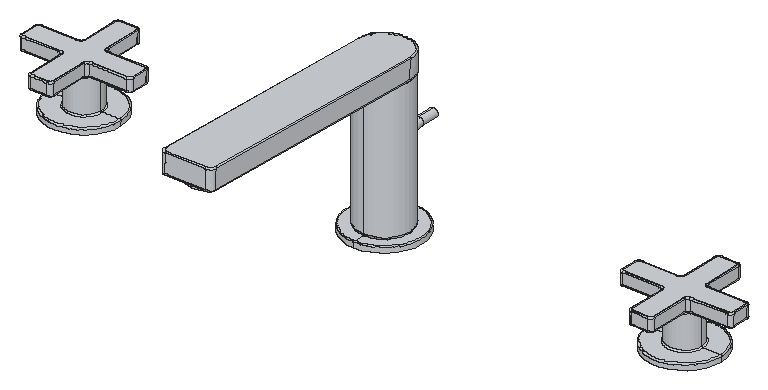
Revit family "Faucet-Lavatory-KOHLER-Composed-K-73060", category Plumbing Fixtures, host Face, Revit 2015
Parameters (values of type "Cross Handles-CP-Polished Chrome")
  Width [instance] = Faucet Hole Spacing  # 16"
  Waste Water Outlet = "Waste Water Outlet"  # constant formula
  Waste Connection = no
  Vent Connection = no
  URL = "https://www.us.kohler.com/us/"
  Type = 1
  Spout Reach = 5 15/16"  # constant formula
  Product Page URL = "http://www.us.kohler.com/us/catalog/productDetails.jsp?productNumber=73060-3"
  Product Name = "Composed"  # constant formula
  Product Documentation Link = "http://www.us.kohler.com/onlinecatalog/pdf/K-73060-3_spec.pdf"
  Pressure = 60.00 psi  # constant formula
  Model = if(Type = 1, "K-73060-3-CP", if(Type = 2, "K-73060-3-TT", if(Type = 3, "K-73060-4-CP", if(Type = 4, "K-73060-4-TT", "NA"))))  # "K-73060-3-CP"
  Material = "Premium Metal Construction"  # constant formula
  MasterFormat 2004 = "22.41.39"  # constant formula
  MasterFormat 1995 = "15410"  # constant formula
  Manufacturer Address = "444 Highland Dr, Kohler, WI 53044"  # constant formula
  Manufacturer = "KOHLER Co."  # constant formula
  Lever Handles = or(Type = 3, Type = 4)  # no
  Length = 5 15/16"  # constant formula
  Hot Water Inlet = "Hot Water Inlet"  # constant formula
  Height = 4 9/16"  # constant formula
  Handle Clearance = if(Cross Handles, 1 1/2", 3")  # 1 1/2"
  HW Connection = yes
  Flow Rate = 1.2 GPM  # constant formula
  Finish = Kohler-Metal-CP-Polished_Chrome
  Faucet Hole Spacing [instance] = 16"
  Environmental Product Declaration = ""
  Drain Included = 1 = 1  # yes
  Description = if(or(Type = 1, Type = 2), "Widespread bathroom sink faucet with cross handles", if(or(Type = 3, Type = 4), "Widespread bathroom sink faucet with lever handles", "NA"))  # "Widespread bathroom sink faucet with cross handles"
  Default Elevation = 36"
  Declare Label = ""
  Date Modified = "06/11/2018"  # constant formula
  Date Created = "06/11/2018"  # constant formula
  Cross Handles = or(Type = 1, Type = 2)  # yes
  Copyright = "Copyright KOHLER Co."  # constant formula
  Contact Us = "https://www.us.kohler.com/us/static/contact.jsp"
  Cold Water Inlet = "Cold Water Inlet"  # constant formula
  CW Connection = yes
  Assembly Code = "D2010"
  ADA Compliant = 1 = 1  # yes
Types (5): name | Type | Product Page URL | Product Documentation Link | Model | Lever Handles | Handle Clearance | Finish | Description | Cross Handles
  (no name) | 1 | "http://www.us.kohler.com/us/catalog/productDetails.jsp?productNumber=73060-3" | "http://www.us.kohler.com/onlinecatalog/pdf/K-73060-3_spec.pdf" | "K-73060-3-CP" | no | 1 1/2" | Kohler-Metal-CP-Polished_Chrome | "Widespread bathroom sink faucet with cross handles" | yes
  Cross Handles-CP-Polished Chrome | 1 | "http://www.us.kohler.com/us/catalog/productDetails.jsp?productNumber=73060-3" | "http://www.us.kohler.com/onlinecatalog/pdf/K-73060-3_spec.pdf" | "K-73060-3-CP" | no | 1 1/2" | Kohler-Metal-CP-Polished_Chrome | "Widespread bathroom sink faucet with cross handles" | yes
  Cross Handles-TT-Vibrant Titanium | 2 | "http://www.us.kohler.com/us/catalog/productDetails.jsp?productNumber=73060-3" | "http://www.us.kohler.com/onlinecatalog/pdf/K-73060-3_spec.pdf" | "K-73060-3-TT" | no | 1 1/2" | Kohler-Metal-TT-Vibrant_Titanium | "Widespread bathroom sink faucet with cross handles" | yes
  Lever Handles-CP-Polished Chrome | 3 | "http://www.us.kohler.com/us/catalog/productDetails.jsp?productNumber=73060-4" | "http://www.us.kohler.com/onlinecatalog/pdf/K-73060-4_spec.pdf" | "K-73060-4-CP" | yes | 3" | Kohler-Metal-CP-Polished_Chrome | "Widespread bathroom sink faucet with lever handles" | no
  Lever Handles-TT-Vibrant Titanium | 4 | "http://www.us.kohler.com/us/catalog/productDetails.jsp?productNumber=73060-4" | "http://www.us.kohler.com/onlinecatalog/pdf/K-73060-4_spec.pdf" | "K-73060-4-TT" | yes | 3" | Kohler-Metal-TT-Vibrant_Titanium | "Widespread bathroom sink faucet with lever handles" | no
Reference planes (in)
  plane 1 "Center (Front/Back)": y = 0
  plane 2: z = 0
  plane 3 "Center (Left/Right)": x = 0
  plane 4: x = -8
  plane 5: x = 8
  plane 6: y = -5.9375
  plane 7: x = -9.5
  plane 8: x = 9.5
  plane 9: z = 4.5625
Dimensions and locks (in)
  equal spacing: plane 4, plane 3 "Center (Left/Right)", plane 5
  "Length": plane 1 "Center (Front/Back)" to plane 6
  equal spacing: plane 7, plane 3 "Center (Left/Right)", plane 8
  "Width": plane 4 to plane 5
  "Handle Clearance": plane 7 to plane 4
  "Height": plane 9 to level
  aligned and locked: plane 2 to host face
  aligned and locked: level to host face
  aligned and locked: plane 4 to nested 2
  aligned and locked: plane 5 to nested 3
  aligned and locked: plane 6 to nested 1
  aligned and locked: level to nested 2
  aligned and locked: nested 3 to nested 3  (x2)
  aligned and locked: nested 2 to nested 2  (x2)
Automatic sketch dimensions
  host sketch curve to host sketch curve = 96"  (x2)
Nested families (in)
  nested 1: "K-73060_1" at (0, 0, 0), type "K-73060_1"
  nested 2: "K-73060_2" at (-8, 0, 0), type "K-73060_2"
  nested 3: "K-73060_2" at (8, 0, 0) x (-1, 0, 0) z (0, 0, 1), type "K-73060_2"
Connectors (in)
  piping at (-8, 0, 0), diameter 0.375, driven by "Flow Rate", driven by "Pressure", driven by "HW Connection", driven by "Hot Water Inlet"
    settings: on nested 2, index 1, connector inside diameter 24", connector length 0", flow factor 0, pipe flow 1.2 GPM, pressure drop 60.00 psi, fitting loss kfactor 0, connector angle 0.00°, fixture units 0, engagement length 0", angle of deflection 0.00°, flow configuration 1, flow direction 1, fitting loss method 4, system type 19, joint type 0, gender type 0, connector reference index -1, connector utility 1, adjustable connector no, is connector primary yes, connector description "Hot Water Inlet"
  piping at (8, 0, 0), diameter 0.375, driven by "Flow Rate", driven by "Pressure", driven by "CW Connection", driven by "Cold Water Inlet"
    settings: on nested 3, index 2, connector inside diameter 24", connector length 0", flow factor 0, pipe flow 1.2 GPM, pressure drop 60.00 psi, fitting loss kfactor 0, connector angle 0.00°, fixture units 0, engagement length 0", angle of deflection 0.00°, flow configuration 1, flow direction 1, fitting loss method 4, system type 20, joint type 0, gender type 0, connector reference index -1, connector utility 1, adjustable connector no, is connector primary no, connector description "Cold Water Inlet"
Definition of nested family "K-73060_1"
  Parameters (values of type "K-73060_1")
    Material = none
  Reference planes (in)
    plane 1 "Center (Front/Back)": y = 0
    plane 2: z = 0
    plane 3 "Center (Left/Right)": x = 0
    plane 4 "A": through (0, -6.59834, 4.00995) normal (0, -0.0349, -0.9994)
    plane 5: y = -5.9375
    plane 6: z = 4.5625
  Forms (in)
    Revolve 1, solid, material <- "Material"
      sketch origin (0, 0, 0) x (0, 1, 0) y (0, 0, 1)
        loop
          line (0, 3.80245) -> (0, 0) -> (1.00394, 0) -> (1.00394, 0.13765)
          arc (1.00394, 0.13765) -> (0.99813, 0.15167) -> (0.98411, 0.15748) r 0.01983
          line (0.98411, 0.15748) -> (0.70795, 0.15748) -> (0.65755, 0.15748)
          arc (0.65755, 0.15748) -> (0.67977, 0.1667) -> (0.68898, 0.18893) r 0.03145
          line (0.68898, 0.18893) -> (0.68898, 3.76898)
          arc (0.68898, 3.76898) -> (0.67917, 3.79265) -> (0.65551, 3.80245) r 0.03347
          line (0.65551, 3.80245) -> (0, 3.80245)
        axis (0, 3.80245) -> (0, 0)
      angle from 0 to 360
    Sweep 2, solid, material <- "Material"
      path origin (0, 0.13182, 3.77492) x (0, -0.999391, 0.034899) y (-1, 0, 0)
        loop
          line (6.61592, 0.68898) -> (0.13303, 0.68898)
          arc (0.13303, 0.68898) -> (-0.55595, 0) -> (0.13303, -0.68898) r 0.68898
          line (0.13303, -0.68898) -> (6.6155, -0.68898)
          arc (6.6155, -0.68898) -> (6.72175, -0.64497) -> (6.76576, -0.53872) r 0.15026
          line (6.76576, -0.53872) -> (6.76576, 0.53913)
          arc (6.76576, 0.53913) -> (6.72187, 0.64509) -> (6.61592, 0.68898) r 0.14985
      profile origin (0.53872, -6.62982, 4.01105) x (0, -0.999391, 0.034899) y (0, -0.034899, -0.999391)
        loop
          arc (0, -0.03147) -> (-0.00922, -0.00922) -> (-0.03147, 0) r 0.03147
          line (-0.03147, 0) -> (-0.14961, 0) -> (-0.14961, -0.55118) -> (-0.0313, -0.55118)
          arc (-0.0313, -0.55118) -> (-0.00917, -0.54202) -> (0, -0.51989) r 0.0313
          line (0, -0.51989) -> (0, -0.03147)
    Extrusion 3, solid, material <- "Material"
      sketch origin (0, 0.13182, 3.77492) x (0, -0.999391, 0.034899) y (-1, 0, 0)
        loop
          line (6.61616, 0.53937) -> (0.13303, 0.53937)
          arc (0.13303, 0.53937) -> (-0.40634, 0) -> (0.13303, -0.53937) r 0.53937
          line (0.13303, -0.53937) -> (6.61616, -0.53937) -> (6.61616, 0.53937)
      from -0.55118 to 0
    Revolve 4, solid, material <- "Material"
      sketch origin (0, 0, 0) x (0, 1, 0) y (0, 0, 1)
        loop
          line (-5.51403, 3.78102) -> (-5.51001, 3.89601) -> (-5.48671, 3.91774) -> (-5.48519, 3.96123) -> (-5.51733, 3.96235) -> (-5.51589, 4.00366) -> (-5.9559, 4.01903) -> (-5.96256, 3.82834) -> (-5.64607, 3.81729) -> (-5.64717, 3.78567) -> (-5.51403, 3.78102)
        axis (-5.9559, 4.01903) -> (-5.96366, 3.79672)
      angle from 0 to 360
    Sweep 5, solid, material <- "Material"
      path origin (0, 0, 0) x (0, 1, 0) y (0, 0, 1)
        loop
          line (1.63882, 2.07) -> (1.15674, 2.07)
          arc (1.15674, 2.07) -> (0.93884, 2.0013) -> (0.79975, 1.82004) r 0.3799
          line (0.79975, 1.82004) -> (0.50828, 1.01924)
      profile origin (0, 0.65402, 1.41964) x (0, 0.939693, -0.34202) y (1, 0, 0)
        loop
          circle (0, 0) r 0.10793
    Extrusion 6, void, detail levels medium+fine
      sketch origin (0, 0, 0) x (1, 0, 0) y (0, 0, 1)
        loop
          spline (0.13461, 1.49655) -> (0.13015, 1.58776) -> (0.11708, 1.67275) -> (0.0963, 1.74574) -> (0.06922, 1.80175) -> (0.03767, 1.83695) -> (0.00383, 1.84896) -> (-0.03002, 1.83695) -> (-0.06156, 1.80175) -> (-0.08865, 1.74574) -> (-0.10943, 1.67275) -> (-0.1225, 1.58776) -> (-0.12695, 1.49655)
          spline (-0.12695, 1.49655) -> (-0.1225, 1.40533) -> (-0.10943, 1.32034) -> (-0.08865, 1.24735) -> (-0.06156, 1.19134) -> (-0.03002, 1.15614) -> (0.00383, 1.14413) -> (0.03767, 1.15614) -> (0.06922, 1.19134) -> (0.0963, 1.24735) -> (0.11708, 1.32034) -> (0.13015, 1.40533) -> (0.13461, 1.49655)
      from -0.71609 to -0.56153
    Extrusion 7, void, detail levels medium+fine
      sketch origin (0, 0.00391, 0.00391) x (0, 1, 0) y (0, 0, 1)
        loop
          arc (0.64648, 3.75695) -> (0.67485, 3.74432) -> (0.68648, 3.71553) r 0.04145
          line (0.68648, 3.71553) -> (0.68648, 3.50302) -> (0.78514, 3.50302) -> (0.78514, 3.83995) -> (-0.06157, 3.83995) -> (-0.06157, 3.78168) -> (0.64648, 3.75695)
      from -0.81186 to 0.9446
    Extrusion 8, solid, material <- "Material", detail levels coarse
      sketch origin (0, 0, 0) x (1, 0, 0) y (0, 1, 0)
        loop
          circle (0, 0) r 1.00394
      from 0 to 0.15748
    Extrusion 9, solid, material <- "Material", detail levels coarse
      sketch origin (0, 0, 0) x (1, 0, 0) y (0, 1, 0)
        loop
          circle (0, 0) r 0.68899
      from 0.15748 to 3.80245
    Extrusion 10, solid, material <- "Material", detail levels coarse
      sketch origin (0, 0.13182, 3.77492) x (0, -0.999391, 0.034899) y (-1, 0, 0)
        loop
          line (6.61592, 0.68898) -> (0.13303, 0.68898)
          arc (0.13303, 0.68898) -> (-0.55595, 0) -> (0.13303, -0.68898) r 0.68898
          line (0.13303, -0.68898) -> (6.6155, -0.68898)
          arc (6.6155, -0.68898) -> (6.72175, -0.64497) -> (6.76576, -0.53872) r 0.15026
          line (6.76576, -0.53872) -> (6.76576, 0.53913)
          arc (6.76576, 0.53913) -> (6.72187, 0.64509) -> (6.61592, 0.68898) r 0.14985
      from -0.55022 to 0
  Cuts and joins
    joined: Sweep 2, Extrusion 3, Revolve 4
    Extrusion 6, Extrusion 7 cuts Revolve 1
    joined: Revolve 1, Sweep 5
    joined: Extrusion 8, Extrusion 9
  Lines and regions (in)
    Masking region 1
      outline origin (0, 0, 0) x (1, 0, 0) y (0, 1, 0)
        loop
          arc (-0.10793, 0.99812) -> (-0.9516, 0.31992) -> (-0.68898, -0.73021) r 1.00394
          line (-0.68898, -0.73021) -> (-0.68898, -6.61592)
          arc (-0.68898, -6.61592) -> (-0.64509, -6.72187) -> (-0.53913, -6.76576) r 0.14985
          line (-0.53913, -6.76576) -> (0.53872, -6.76576)
          arc (0.53872, -6.76576) -> (0.64497, -6.72175) -> (0.68898, -6.6155) r 0.15026
          line (0.68898, -6.6155) -> (0.68898, -0.73021)
          arc (0.68898, -0.73021) -> (0.9516, 0.31992) -> (0.10793, 0.99812) r 1.00394
          line (0.10793, 0.99812) -> (0.10793, 1.63882) -> (-0.10793, 1.63882) -> (-0.10793, 0.99812)
    Masking region 2
      outline origin (0, 0, 0) x (1, 0, 0) y (0, 0, 1)
        loop
          arc (-0.68899, 0.18893) -> (-0.67978, 0.16669) -> (-0.65738, 0.15748) r 0.03145
          line (-0.65738, 0.15748) -> (-0.70779, 0.15748) -> (-0.98394, 0.15748)
          arc (-0.98394, 0.15748) -> (-0.99796, 0.15167) -> (-1.00377, 0.13765) r 0.01983
          line (-1.00377, 0.13765) -> (-1.00377, 0) -> (1.0041, 0) -> (1.0041, 0.13765)
          arc (1.0041, 0.13765) -> (0.99829, 0.15167) -> (0.98427, 0.15748) r 0.01983
          line (0.98427, 0.15748) -> (0.70812, 0.15748) -> (0.65772, 0.15748)
          arc (0.65772, 0.15748) -> (0.67994, 0.1667) -> (0.68914, 0.18893) r 0.03145
          line (0.68914, 0.18893) -> (0.68914, 3.75686)
          arc (0.68914, 3.75686) -> (0.6872, 3.77383) -> (0.68146, 3.78991) r 0.07496
          arc (0.68146, 3.78991) -> (0.68706, 3.80477) -> (0.68898, 3.82053) r 0.06658
          line (0.68898, 3.82053) -> (0.68898, 4.52554)
          arc (0.68898, 4.52554) -> (0.67939, 4.54943) -> (0.65596, 4.56007) r 0.03456
          arc (0.65596, 4.56007) -> (0.60157, 4.56189) -> (0.54715, 4.5625) r 2.43386
          line (0.54715, 4.5625) -> (-0.57255, 4.5625)
          arc (-0.57255, 4.5625) -> (-0.6147, 4.56177) -> (-0.65681, 4.55959) r 1.21998
          arc (-0.65681, 4.55959) -> (-0.67969, 4.54869) -> (-0.68898, 4.52511) r 0.03455
          line (-0.68898, 4.52511) -> (-0.68898, 3.82065)
          arc (-0.68898, 3.82065) -> (-0.68707, 3.80483) -> (-0.68146, 3.78991) r 0.06658
          arc (-0.68146, 3.78991) -> (-0.68708, 3.77544) -> (-0.68899, 3.76003) r 0.06304
          line (-0.68899, 3.76003) -> (-0.68899, 0.18893)
    Masking region 3
      outline origin (0, 0, 0) x (0, 1, 0) y (0, 0, 1)
        loop
          line (1.00394, 0) -> (1.00394, 0.13765)
          arc (1.00394, 0.13765) -> (0.99813, 0.15167) -> (0.98411, 0.15748) r 0.01983
          line (0.98411, 0.15748) -> (0.70795, 0.15748) -> (0.65755, 0.15748)
          arc (0.65755, 0.15748) -> (0.67977, 0.1667) -> (0.68898, 0.18893) r 0.03145
          line (0.68898, 0.18893) -> (0.68898, 1.20012) -> (0.90148, 1.78397)
          arc (0.90148, 1.78397) -> (1.00058, 1.91312) -> (1.15583, 1.96207) r 0.27067
          line (1.15583, 1.96207) -> (1.63882, 1.96207) -> (1.63882, 2.17794) -> (1.15493, 2.17794)
          arc (1.15493, 2.17794) -> (0.86409, 2.08127) -> (0.68898, 1.82974) r 0.48587
          line (0.68898, 1.82974) -> (0.68898, 3.72445)
          arc (0.68898, 3.72445) -> (0.67972, 3.74701) -> (0.65664, 3.7566) r 0.03212
          arc (0.65664, 3.7566) -> (0.67873, 3.76486) -> (0.68851, 3.78631) r 0.03081
          line (0.68851, 3.78631) -> (0.70565, 4.2773)
          arc (0.70565, 4.2773) -> (0.69725, 4.29977) -> (0.67543, 4.30972) r 0.03134
          line (0.67543, 4.30972) -> (-6.55611, 4.5625)
          arc (-6.55611, 4.5625) -> (-6.57929, 4.55383) -> (-6.58956, 4.5313) r 0.03234
          line (-6.58956, 4.5313) -> (-6.60665, 4.04082)
          arc (-6.60665, 4.04082) -> (-6.59847, 4.01894) -> (-6.57721, 4.00925) r 0.03052
          line (-6.57721, 4.00925) -> (-6.40703, 4.00331) -> (-6.40887, 3.95072) -> (-6.38713, 3.92742) -> (-6.39118, 3.81165) -> (-5.51403, 3.78102) -> (-5.51001, 3.89601) -> (-5.48671, 3.91774) -> (-5.48485, 3.97106) -> (-0.65622, 3.80244)
          arc (-0.65622, 3.80244) -> (-0.67942, 3.7924) -> (-0.68898, 3.76898) r 0.03347
          line (-0.68898, 3.76898) -> (-0.68898, 0.18893)
          arc (-0.68898, 0.18893) -> (-0.67977, 0.1667) -> (-0.65755, 0.15748) r 0.03145
          line (-0.65755, 0.15748) -> (-0.70795, 0.15748) -> (-0.98411, 0.15748)
          arc (-0.98411, 0.15748) -> (-0.99813, 0.15167) -> (-1.00394, 0.13765) r 0.01983
          line (-1.00394, 0.13765) -> (-1.00394, 0) -> (1.00394, 0)
    symbolic lines, detail levels medium+fine
      curve 1: arc (0.68898, 0.00473, 0) -> (-0.00473, 0.68898, 0) -> (-0.68898, -0.00473, 0) r 0.68899
      curve 2: line (-0.68898, -0.73021, 0) -> (-0.68898, -0.00473, 0)
      curve 3: line (0.68898, -0.73021, 0) -> (0.68898, 0.00473, 0)
      curve 4: line (-0.10793, 0.99812, 0) -> (-0.10793, 0.68049, 0)
      curve 5: line (0.10793, 0.99812, 0) -> (0.10793, 0.68049, 0)
      curve 6: line (-0.65755, 0, 0.15748) -> (0.66215, 0, 0.15748)
      curve 7: line (-1.00377, 0, 0) -> (1.0041, 0, 0)
      curve 8: spline (0, 0, 3.92742) -> (-0.05873, 0, 3.92728) -> (-0.11645, 0, 3.92688) -> (-0.17217, 0, 3.92622) -> (-0.22495, 0, 3.92531) -> (-0.27389, 0, 3.92417) -> (-0.31813, 0, 3.92282) -> (-0.35694, 0, 3.92127) -> (-0.38963, 0, 3.91957) -> (-0.41566, 0, 3.91772) -> (-0.43458, 0, 3.91578) -> (-0.44606, 0, 3.91376) -> (-0.44991, 0, 3.91172)
      curve 9: spline (0.44991, 0, 3.9117) -> (0.44611, 0, 3.91375) -> (0.43467, 0, 3.91577) -> (0.41578, 0, 3.91771) -> (0.38977, 0, 3.91956) -> (0.35708, 0, 3.92127) -> (0.31828, 0, 3.92281) -> (0.27402, 0, 3.92417) -> (0.22507, 0, 3.92531) -> (0.17227, 0, 3.92622) -> (0.11651, 0, 3.92688) -> (0.05876, 0, 3.92728) -> (0, 0, 3.92742)
      curve 10: spline (0, 0, 3.81242) -> (-0.11645, 0, 3.81189) -> (-0.22495, 0, 3.81032) -> (-0.31813, 0, 3.80782) -> (-0.38963, 0, 3.80457) -> (-0.43458, 0, 3.80079) -> (-0.44991, 0, 3.79672) -> (-0.43458, 0, 3.79266) -> (-0.38963, 0, 3.78887) -> (-0.31813, 0, 3.78562) -> (-0.22495, 0, 3.78312) -> (-0.11645, 0, 3.78156) -> (0, 0, 3.78102)
      curve 11: spline (0, 0, 3.78102) -> (0.11645, 0, 3.78156) -> (0.22495, 0, 3.78312) -> (0.31813, 0, 3.78562) -> (0.38963, 0, 3.78887) -> (0.43458, 0, 3.79266) -> (0.44991, 0, 3.79672) -> (0.43458, 0, 3.80079) -> (0.38963, 0, 3.80457) -> (0.31813, 0, 3.80782) -> (0.22495, 0, 3.81032) -> (0.11645, 0, 3.81189) -> (0, 0, 3.81242)
      curve 12: line (-0.44991, 0, 3.91172) -> (-0.44991, 0, 3.79672)
      curve 13: line (0.44991, 0, 3.91172) -> (0.44991, 0, 3.79672)
      curve 14: spline (0, 0, 3.95072) -> (-0.06167, 0, 3.95058) -> (-0.12228, 0, 3.95016) -> (-0.1808, 0, 3.94947) -> (-0.23622, 0, 3.94851) -> (-0.2876, 0, 3.94731) -> (-0.33407, 0, 3.94589) -> (-0.37481, 0, 3.94427) -> (-0.40915, 0, 3.94248) -> (-0.43648, 0, 3.94054) -> (-0.45634, 0, 3.9385) -> (-0.4684, 0, 3.93638) -> (-0.47244, 0, 3.93423)
      curve 15: spline (0.47244, 0, 3.93423) -> (0.4684, 0, 3.93638) -> (0.45634, 0, 3.9385) -> (0.43648, 0, 3.94054) -> (0.40915, 0, 3.94248) -> (0.37481, 0, 3.94427) -> (0.33407, 0, 3.94589) -> (0.2876, 0, 3.94731) -> (0.23622, 0, 3.94851) -> (0.1808, 0, 3.94947) -> (0.12228, 0, 3.95016) -> (0.06167, 0, 3.95058) -> (0, 0, 3.95072)
      curve 16: spline (0, 0, 3.9942) -> (-0.06167, 0, 3.99406) -> (-0.12228, 0, 3.99364) -> (-0.1808, 0, 3.99295) -> (-0.23622, 0, 3.99199) -> (-0.2876, 0, 3.99079) -> (-0.33407, 0, 3.98937) -> (-0.37481, 0, 3.98775) -> (-0.40915, 0, 3.98596) -> (-0.43648, 0, 3.98402) -> (-0.45634, 0, 3.98198) -> (-0.4684, 0, 3.97987) -> (-0.47244, 0, 3.97771)
      curve 17: spline (0.47244, 0, 3.97771) -> (0.4684, 0, 3.97987) -> (0.45634, 0, 3.98198) -> (0.43648, 0, 3.98402) -> (0.40915, 0, 3.98596) -> (0.37481, 0, 3.98775) -> (0.33407, 0, 3.98937) -> (0.2876, 0, 3.99079) -> (0.23622, 0, 3.99199) -> (0.1808, 0, 3.99295) -> (0.12228, 0, 3.99364) -> (0.06167, 0, 3.99406) -> (0, 0, 3.9942)
      curve 18: spline (-0.43122, 0, 3.98445) -> (-0.4384, 0, 3.98897) -> (-0.40753, 0, 3.99337) -> (-0.3413, 0, 3.99726) -> (-0.24544, 0, 4.00031) -> (-0.12829, 0, 4.00225) -> (0, 0, 4.00292) -> (0.12829, 0, 4.00225) -> (0.24544, 0, 4.00031) -> (0.3413, 0, 3.99726) -> (0.40753, 0, 3.99337) -> (0.4384, 0, 3.98897) -> (0.43122, 0, 3.98445)
      curve 19: spline (0, 0, 4.00292) -> (0.06485, 0, 4.00275) -> (0.12829, 0, 4.00225) -> (0.18893, 0, 4.00143) -> (0.24544, 0, 4.00031) -> (0.29661, 0, 3.99891) -> (0.3413, 0, 3.99726) -> (0.37854, 0, 3.9954) -> (0.40753, 0, 3.99337) -> (0.42763, 0, 3.99121) -> (0.4384, 0, 3.98897) -> (0.43961, 0, 3.9867) -> (0.43122, 0, 3.98445)
      curve 20: spline (0, 0, 3.78567) -> (-0.08196, 0, 3.78605) -> (-0.15834, 0, 3.78715) -> (-0.22393, 0, 3.78891) -> (-0.27426, 0, 3.7912) -> (-0.30589, 0, 3.79386) -> (-0.31668, 0, 3.79672) -> (-0.30589, 0, 3.79958) -> (-0.27426, 0, 3.80225) -> (-0.22393, 0, 3.80454) -> (-0.15834, 0, 3.80629) -> (-0.08196, 0, 3.8074) -> (0, 0, 3.80777)
      curve 21: spline (0, 0, 3.80777) -> (0.08196, 0, 3.8074) -> (0.15834, 0, 3.80629) -> (0.22393, 0, 3.80454) -> (0.27426, 0, 3.80225) -> (0.30589, 0, 3.79958) -> (0.31668, 0, 3.79672) -> (0.30589, 0, 3.79386) -> (0.27426, 0, 3.7912) -> (0.22393, 0, 3.78891) -> (0.15834, 0, 3.78715) -> (0.08196, 0, 3.78605) -> (0, 0, 3.78567)
      curve 22: line (-0.47244, 0, 3.97771) -> (-0.47244, 0, 3.93423)
      curve 23: line (0.47244, 0, 3.97771) -> (0.47244, 0, 3.93423)
      curve 24: line (-0.47244, 0, 3.93423) -> (-0.44991, 0, 3.9117)
      curve 25: line (0.47244, 0, 3.93423) -> (0.44991, 0, 3.9117)
      curve 26: line (0, 1.00394, 0) -> (0, -1.00394, 0)
      curve 27: line (0, 0.70795, 0.15748) -> (0, -0.70795, 0.15748)
      curve 28: line (0, 0.68898, 1.84881) -> (0, 0.67718, 1.49655)
      curve 29: line (0, 0.67718, 1.49655) -> (0, 0.68898, 1.14428)
      curve 30: line (0, -0.65622, 3.80244) -> (0, 0.65664, 3.7566)
      curve 31: line (0, -5.48485, 3.97106) -> (0, -6.42915, 4.00404)
      curve 32: line (0, -5.48519, 3.96123) -> (0, -6.40737, 3.99343)
      curve 33: line (0, -6.40829, 3.94993) -> (0, -5.48671, 3.91774)
      curve 34: line (0, -6.38722, 3.92665) -> (0, -5.51001, 3.89601)
      curve 35: line (0.53872, 0, 4.01105) -> (-0.53913, 0, 4.01105)
      curve 36: spline (-0.53913, 0, 4.01105) -> (-0.55869, 0, 4.011) -> (-0.57791, 0, 4.01087) -> (-0.59647, 0, 4.01065) -> (-0.61405, 0, 4.01035) -> (-0.63035, 0, 4.00997) -> (-0.64509, 0, 4.00951) -> (-0.65801, 0, 4.009) -> (-0.6689, 0, 4.00843) -> (-0.67757, 0, 4.00782) -> (-0.68387, 0, 4.00717) -> (-0.68769, 0, 4.0065) -> (-0.68898, 0, 4.00582)
      curve 37: spline (0.68898, 0, 4.0058) -> (0.68769, 0, 4.00649) -> (0.68386, 0, 4.00716) -> (0.67754, 0, 4.00781) -> (0.66885, 0, 4.00842) -> (0.65793, 0, 4.00899) -> (0.64497, 0, 4.00951) -> (0.63019, 0, 4.00996) -> (0.61385, 0, 4.01034) -> (0.59622, 0, 4.01065) -> (0.57761, 0, 4.01087) -> (0.55833, 0, 4.011) -> (0.53872, 0, 4.01105)
      curve 38: line (0.68898, 0, 4.00292) -> (-0.68898, 0, 4.00292)
      curve 39: spline (-0.68898, 0, 3.77957) -> (-0.6655, 0, 3.77334) -> (-0.59667, 0, 3.76754) -> (-0.48718, 0, 3.76256) -> (-0.34449, 0, 3.75874) -> (-0.17832, 0, 3.75634) -> (0, 0, 3.75552) -> (0.17832, 0, 3.75634) -> (0.34449, 0, 3.75874) -> (0.48718, 0, 3.76256) -> (0.59667, 0, 3.76754) -> (0.6655, 0, 3.77334) -> (0.68898, 0, 3.77957)
  Dimensions and locks (in)
    locked: plane 1 "Center (Front/Back)" to plane 5 at 5.9375
    locked: plane 6 to level at 4.5625
    plane 6 to level = 4 9/16"
    aligned and locked: plane 2 to level
    aligned and locked: Masking region 2 sketch curve to plane 6
Definition of nested family "K-73060_2"
  Parameters (values of type "K-73060_2")
    Material = none
    Lever Handles = no
    Cross Handles = yes
  Reference planes (in)
    plane 1 "Center (Front/Back)": y = 0
    plane 2: z = 0
    plane 3 "Center (Left/Right)": x = 0
    plane 4: x = 1.5
    plane 5: x = -1.5
    plane 6: x = -3.00024
  Forms (in)
    Revolve 1, solid, material <- "Material", detail levels medium+fine
      sketch origin (0, 0, 0) x (1, 0, 0) y (0, 0, 1)
        loop
          line (-0.98425, 0) -> (0, 0) -> (0, 1.1365) -> (-0.38514, 1.1365) -> (-0.38514, 1.08268) -> (-0.42171, 1.08268)
          arc (-0.42171, 1.08268) -> (-0.44366, 1.07358) -> (-0.45276, 1.05163) r 0.03105
          line (-0.45276, 1.05163) -> (-0.45276, 0.18822)
          arc (-0.45276, 0.18822) -> (-0.46176, 0.16648) -> (-0.48349, 0.15748) r 0.03074
          line (-0.48349, 0.15748) -> (-0.95322, 0.15748)
          arc (-0.95322, 0.15748) -> (-0.97516, 0.14839) -> (-0.98425, 0.12644) r 0.03104
          line (-0.98425, 0.12644) -> (-0.98425, 0)
        axis (0, 1.1365) -> (0, 0)
      angle from 0 to 360
    Sweep 2, solid, material <- "Material", visible <- "Cross Handles", detail levels medium+fine
      path origin (0, 0, 0) x (1, 0, 0) y (0, 1, 0)
        loop
          arc (0.39284, 0.28346) -> (0.3155, 0.3155) -> (0.28346, 0.39284) r 0.10938
          line (0.28346, 0.39284) -> (0.28346, 1.39866)
          arc (0.28346, 1.39866) -> (0.26416, 1.44526) -> (0.21756, 1.46457) r 0.06591
          line (0.21756, 1.46457) -> (-0.21706, 1.46457)
          arc (-0.21706, 1.46457) -> (-0.26401, 1.44512) -> (-0.28346, 1.39816) r 0.06641
          line (-0.28346, 1.39816) -> (-0.28346, 0.39284)
          arc (-0.28346, 0.39284) -> (-0.3155, 0.3155) -> (-0.39284, 0.28346) r 0.10938
          line (-0.39284, 0.28346) -> (-1.39816, 0.28346)
          arc (-1.39816, 0.28346) -> (-1.44512, 0.26401) -> (-1.46457, 0.21706) r 0.06641
          line (-1.46457, 0.21706) -> (-1.46457, -0.21706)
          arc (-1.46457, -0.21706) -> (-1.44512, -0.26401) -> (-1.39816, -0.28346) r 0.06641
          line (-1.39816, -0.28346) -> (-0.39371, -0.28346)
          arc (-0.39371, -0.28346) -> (-0.31575, -0.31575) -> (-0.28346, -0.39371) r 0.11024
          line (-0.28346, -0.39371) -> (-0.28346, -1.39816)
          arc (-0.28346, -1.39816) -> (-0.26401, -1.44512) -> (-0.21706, -1.46457) r 0.06641
          line (-0.21706, -1.46457) -> (0.21706, -1.46457)
          arc (0.21706, -1.46457) -> (0.26401, -1.44512) -> (0.28346, -1.39816) r 0.06641
          line (0.28346, -1.39816) -> (0.28346, -0.39284)
          arc (0.28346, -0.39284) -> (0.3155, -0.3155) -> (0.39284, -0.28346) r 0.10938
          line (0.39284, -0.28346) -> (1.39816, -0.28346)
          arc (1.39816, -0.28346) -> (1.44512, -0.26401) -> (1.46457, -0.21706) r 0.06641
          line (1.46457, -0.21706) -> (1.46457, 0.21706)
          arc (1.46457, 0.21706) -> (1.44512, 0.26401) -> (1.39816, 0.28346) r 0.06641
          line (1.39816, 0.28346) -> (0.39284, 0.28346)
      profile origin (1.46457, 0, 0) x (-1, 0, 0) y (0, 0, 1)
        loop
          arc (0, 1.44881) -> (-0.02223, 1.43998) -> (-0.0315, 1.41792) r 0.0309
          line (-0.0315, 1.41792) -> (-0.0315, 1.12536)
          arc (-0.0315, 1.12536) -> (-0.02223, 1.10331) -> (0, 1.09449) r 0.03087
          line (0, 1.09449) -> (0, 1.44881)
    Extrusion 3, solid, material <- "Material", visible <- "Cross Handles", detail levels medium+fine
      sketch origin (0, 0, 0) x (1, 0, 0) y (0, 1, 0)
        loop
          arc (-0.28346, -1.39816) -> (-0.26401, -1.44512) -> (-0.21706, -1.46457) r 0.06641
          line (-0.21706, -1.46457) -> (0.21706, -1.46457)
          arc (0.21706, -1.46457) -> (0.26401, -1.44512) -> (0.28346, -1.39816) r 0.06641
          line (0.28346, -1.39816) -> (0.28346, -0.39284)
          arc (0.28346, -0.39284) -> (0.3155, -0.3155) -> (0.39284, -0.28346) r 0.10938
          line (0.39284, -0.28346) -> (1.39816, -0.28346)
          arc (1.39816, -0.28346) -> (1.44512, -0.26401) -> (1.46457, -0.21706) r 0.06641
          line (1.46457, -0.21706) -> (1.46457, 0.21706)
          arc (1.46457, 0.21706) -> (1.44512, 0.26401) -> (1.39816, 0.28346) r 0.06641
          line (1.39816, 0.28346) -> (0.39284, 0.28346)
          arc (0.39284, 0.28346) -> (0.3155, 0.3155) -> (0.28346, 0.39284) r 0.10938
          line (0.28346, 0.39284) -> (0.28346, 1.39866)
          arc (0.28346, 1.39866) -> (0.26416, 1.44526) -> (0.21756, 1.46457) r 0.06591
          line (0.21756, 1.46457) -> (-0.21706, 1.46457)
          arc (-0.21706, 1.46457) -> (-0.26401, 1.44512) -> (-0.28346, 1.39816) r 0.06641
          line (-0.28346, 1.39816) -> (-0.28346, 0.39284)
          arc (-0.28346, 0.39284) -> (-0.3155, 0.3155) -> (-0.39284, 0.28346) r 0.10938
          line (-0.39284, 0.28346) -> (-1.39816, 0.28346)
          arc (-1.39816, 0.28346) -> (-1.44512, 0.26401) -> (-1.46457, 0.21706) r 0.06641
          line (-1.46457, 0.21706) -> (-1.46457, -0.21706)
          arc (-1.46457, -0.21706) -> (-1.44512, -0.26401) -> (-1.39816, -0.28346) r 0.06641
          line (-1.39816, -0.28346) -> (-0.39371, -0.28346)
          arc (-0.39371, -0.28346) -> (-0.31575, -0.31575) -> (-0.28346, -0.39371) r 0.11024
          line (-0.28346, -0.39371) -> (-0.28346, -1.39816)
      from 1.09449 to 1.44881
    Sweep 4, solid, material <- "Material", visible <- "Lever Handles", detail levels medium+fine
      path origin (0, 0, 0) x (1, 0, 0) y (0, 1, 0)
        loop
          line (0.00007, 0.42125) -> (-2.90257, 0.42126)
          arc (-2.90257, 0.42126) -> (-2.94919, 0.40195) -> (-2.9685, 0.35532) r 0.06593
          line (-2.9685, 0.35532) -> (-2.9685, -0.35513)
          arc (-2.9685, -0.35513) -> (-2.94914, -0.40189) -> (-2.90238, -0.42126) r 0.06613
          line (-2.90238, -0.42126) -> (0.00007, -0.42126)
          arc (0.00007, -0.42126) -> (0.42133, 0) -> (0.00007, 0.42125) r 0.42126
      profile origin (-2.9685, 0.0001, 0) x (1, 0, 0) y (0, 0, 1)
        loop
          arc (0, 1.44881) -> (-0.02222, 1.44016) -> (-0.0315, 1.4182) r 0.03062
          line (-0.0315, 1.4182) -> (-0.0315, 1.12574)
          arc (-0.0315, 1.12574) -> (-0.02226, 1.10355) -> (0, 1.09449) r 0.03125
          line (0, 1.09449) -> (0, 1.44881)
    Extrusion 5, solid, material <- "Material", visible <- "Lever Handles", detail levels medium+fine
      sketch origin (0, 0, 0) x (1, 0, 0) y (0, 1, 0)
        loop
          arc (-2.9685, -0.35513) -> (-2.94914, -0.40189) -> (-2.90238, -0.42126) r 0.06613
          line (-2.90238, -0.42126) -> (0.00007, -0.42126)
          arc (0.00007, -0.42126) -> (0.42133, 0) -> (0.00007, 0.42125) r 0.42126
          line (0.00007, 0.42125) -> (-2.90257, 0.42126)
          arc (-2.90257, 0.42126) -> (-2.94919, 0.40195) -> (-2.9685, 0.35532) r 0.06593
          line (-2.9685, 0.35532) -> (-2.9685, -0.35513)
      from 1.09449 to 1.44881
    Extrusion 6, solid, material <- "Material", detail levels coarse
      sketch origin (0, 0, 0) x (1, 0, 0) y (0, 1, 0)
        loop
          circle (0, 0) r 0.98425
      from 0 to 0.15773
    Extrusion 7, solid, material <- "Material", detail levels coarse
      sketch origin (0, 0, 0) x (1, 0, 0) y (0, 1, 0)
        loop
          circle (0, 0) r 0.4531
      from 0.15773 to 1.1365
    Extrusion 8, solid, material <- "Material", visible <- "Cross Handles", detail levels coarse
      sketch origin (0, 0, 0) x (1, 0, 0) y (0, 1, 0)
        loop
          line (0.39326, -0.31498) -> (1.39833, -0.31498)
          arc (1.39833, -0.31498) -> (1.46739, -0.28638) -> (1.49599, -0.21733) r 0.09766
          line (1.49599, -0.21733) -> (1.49599, 0.21728)
          arc (1.49599, 0.21728) -> (1.46739, 0.28633) -> (1.39833, 0.31494) r 0.09766
          line (1.39833, 0.31494) -> (0.39301, 0.31494)
          arc (0.39301, 0.31494) -> (0.33777, 0.33782) -> (0.31489, 0.39306) r 0.07813
          line (0.31489, 0.39306) -> (0.31489, 1.39888)
          arc (0.31489, 1.39888) -> (0.28643, 1.46758) -> (0.21773, 1.49604) r 0.09716
          line (0.21773, 1.49604) -> (-0.21737, 1.49604)
          arc (-0.21737, 1.49604) -> (-0.28643, 1.46744) -> (-0.31503, 1.39838) r 0.09766
          line (-0.31503, 1.39838) -> (-0.31503, 0.39306)
          arc (-0.31503, 0.39306) -> (-0.33791, 0.33782) -> (-0.39316, 0.31493) r 0.07813
          line (-0.39316, 0.31493) -> (-1.39848, 0.31493)
          arc (-1.39848, 0.31493) -> (-1.46753, 0.28633) -> (-1.49613, 0.21728) r 0.09766
          line (-1.49613, 0.21728) -> (-1.49613, -0.21733)
          arc (-1.49613, -0.21733) -> (-1.46753, -0.28638) -> (-1.39848, -0.31498) r 0.09766
          line (-1.39848, -0.31498) -> (-0.39402, -0.31498)
          arc (-0.39402, -0.31498) -> (-0.33817, -0.33812) -> (-0.31503, -0.39397) r 0.07899
          line (-0.31503, -0.39397) -> (-0.31503, -1.39843)
          arc (-0.31503, -1.39843) -> (-0.28643, -1.46749) -> (-0.21738, -1.49609) r 0.09766
          line (-0.21738, -1.49609) -> (0.21748, -1.49609)
          arc (0.21748, -1.49609) -> (0.28653, -1.46749) -> (0.31513, -1.39843) r 0.09766
          line (0.31513, -1.39843) -> (0.31513, -0.39311)
          arc (0.31513, -0.39311) -> (0.33802, -0.33787) -> (0.39326, -0.31498) r 0.07813
      from 1.09449 to 1.44881
    Extrusion 9, solid, material <- "Material", visible <- "Lever Handles", detail levels coarse
      sketch origin (0, 0, 0) x (1, 0, 0) y (0, 1, 0)
        loop
          arc (-2.9036, 0.453) -> (-2.97193, 0.42469) -> (-3.00024, 0.35636) r 0.09664
          line (-3.00024, 0.35636) -> (-3.00024, -0.35485)
          arc (-3.00024, -0.35485) -> (-2.97164, -0.4239) -> (-2.90258, -0.45251) r 0.09766
          line (-2.90258, -0.45251) -> (-0.00024, -0.45251)
          arc (-0.00024, -0.45251) -> (0.45251, 0.00025) -> (-0.00024, 0.453) r 0.45275
          line (-0.00024, 0.453) -> (-2.9036, 0.453)
      from 1.09449 to 1.44881
  Cuts and joins
    joined: Extrusion 6, Extrusion 7
  Lines and regions (in)
    Masking region 1, visible <- "Cross Handles"
      outline origin (0, 0, 0) x (1, 0, 0) y (0, 0, 1)
        loop
          line (-0.98425, 0) -> (0.98425, 0) -> (0.98425, 0.12644)
          arc (0.98425, 0.12644) -> (0.97516, 0.14839) -> (0.95322, 0.15748) r 0.03104
          line (0.95322, 0.15748) -> (0.48349, 0.15748)
          arc (0.48349, 0.15748) -> (0.46176, 0.16648) -> (0.45276, 0.18822) r 0.03074
          line (0.45276, 0.18822) -> (0.45276, 1.05163)
          arc (0.45276, 1.05163) -> (0.44366, 1.07358) -> (0.42171, 1.08268) r 0.03105
          line (0.42171, 1.08268) -> (0.38514, 1.08268) -> (0.35267, 1.09449) -> (1.4685, 1.09449)
          arc (1.4685, 1.09449) -> (1.49074, 1.10331) -> (1.5, 1.12536) r 0.03087
          line (1.5, 1.12536) -> (1.5, 1.41792)
          arc (1.5, 1.41792) -> (1.49074, 1.43998) -> (1.4685, 1.44881) r 0.0309
          line (1.4685, 1.44881) -> (-1.4685, 1.44881)
          arc (-1.4685, 1.44881) -> (-1.49074, 1.43998) -> (-1.5, 1.41792) r 0.0309
          line (-1.5, 1.41792) -> (-1.5, 1.12536)
          arc (-1.5, 1.12536) -> (-1.49074, 1.10331) -> (-1.4685, 1.09449) r 0.03087
          line (-1.4685, 1.09449) -> (-0.35267, 1.09449) -> (-0.38514, 1.08268) -> (-0.42171, 1.08268)
          arc (-0.42171, 1.08268) -> (-0.44366, 1.07358) -> (-0.45276, 1.05163) r 0.03105
          line (-0.45276, 1.05163) -> (-0.45276, 0.18822)
          arc (-0.45276, 0.18822) -> (-0.46176, 0.16648) -> (-0.48349, 0.15748) r 0.03074
          line (-0.48349, 0.15748) -> (-0.95322, 0.15748)
          arc (-0.95322, 0.15748) -> (-0.97516, 0.14839) -> (-0.98425, 0.12644) r 0.03104
          line (-0.98425, 0.12644) -> (-0.98425, 0)
    Masking region 2, visible <- "Cross Handles"
      outline origin (0, 0, 0) x (0, 1, 0) y (0, 0, 1)
        loop
          line (0.98425, 0) -> (0.98425, 0.12644)
          arc (0.98425, 0.12644) -> (0.97516, 0.14839) -> (0.95322, 0.15748) r 0.03104
          line (0.95322, 0.15748) -> (0.48349, 0.15748)
          arc (0.48349, 0.15748) -> (0.46176, 0.16648) -> (0.45276, 0.18822) r 0.03074
          line (0.45276, 0.18822) -> (0.45276, 1.05163)
          arc (0.45276, 1.05163) -> (0.44366, 1.07358) -> (0.42171, 1.08268) r 0.03105
          line (0.42171, 1.08268) -> (0.38512, 1.09449) -> (1.46516, 1.09449)
          arc (1.46516, 1.09449) -> (1.48699, 1.10354) -> (1.49603, 1.12536) r 0.03087
          line (1.49603, 1.12536) -> (1.49603, 1.41793)
          arc (1.49603, 1.41793) -> (1.48667, 1.44008) -> (1.46426, 1.44881) r 0.0309
          line (1.46426, 1.44881) -> (-1.46426, 1.44881)
          arc (-1.46426, 1.44881) -> (-1.48667, 1.44008) -> (-1.49603, 1.41793) r 0.0309
          line (-1.49603, 1.41793) -> (-1.49603, 1.12536)
          arc (-1.49603, 1.12536) -> (-1.48699, 1.10354) -> (-1.46516, 1.09449) r 0.03087
          line (-1.46516, 1.09449) -> (-0.38512, 1.09449) -> (-0.42171, 1.08268)
          arc (-0.42171, 1.08268) -> (-0.44366, 1.07358) -> (-0.45276, 1.05163) r 0.03105
          line (-0.45276, 1.05163) -> (-0.45276, 0.18822)
          arc (-0.45276, 0.18822) -> (-0.46176, 0.16648) -> (-0.48349, 0.15748) r 0.03074
          line (-0.48349, 0.15748) -> (-0.95322, 0.15748)
          arc (-0.95322, 0.15748) -> (-0.97516, 0.14839) -> (-0.98425, 0.12644) r 0.03104
          line (-0.98425, 0.12644) -> (-0.98425, 0) -> (0.98425, 0)
    Masking region 3, visible <- "Cross Handles"
      outline origin (0, 0, 0) x (1, 0, 0) y (0, 1, 0)
        loop
          line (-0.93329, 0.31496) -> (-1.40234, 0.31496)
          arc (-1.40234, 0.31496) -> (-1.4714, 0.28636) -> (-1.5, 0.2173) r 0.09766
          line (-1.5, 0.2173) -> (-1.5, -0.2173)
          arc (-1.5, -0.2173) -> (-1.4714, -0.28636) -> (-1.40234, -0.31496) r 0.09766
          line (-1.40234, -0.31496) -> (-0.93329, -0.31496)
          arc (-0.93329, -0.31496) -> (-0.6965, -0.6965) -> (-0.31496, -0.93329) r 0.985
          line (-0.31496, -0.93329) -> (-0.31496, -1.39841)
          arc (-0.31496, -1.39841) -> (-0.28636, -1.46746) -> (-0.2173, -1.49606) r 0.09766
          line (-0.2173, -1.49606) -> (0.21755, -1.49606)
          arc (0.21755, -1.49606) -> (0.2866, -1.46746) -> (0.3152, -1.39841) r 0.09766
          line (0.3152, -1.39841) -> (0.3152, -0.93321)
          arc (0.3152, -0.93321) -> (0.6966, -0.69641) -> (0.93329, -0.31496) r 0.985
          line (0.93329, -0.31496) -> (1.40234, -0.31496)
          arc (1.40234, -0.31496) -> (1.4714, -0.28636) -> (1.5, -0.2173) r 0.09766
          line (1.5, -0.2173) -> (1.5, 0.2173)
          arc (1.5, 0.2173) -> (1.4714, 0.28636) -> (1.40234, 0.31496) r 0.09766
          line (1.40234, 0.31496) -> (0.93329, 0.31496)
          arc (0.93329, 0.31496) -> (0.6965, 0.6965) -> (0.31496, 0.93329) r 0.985
          line (0.31496, 0.93329) -> (0.31496, 1.3989)
          arc (0.31496, 1.3989) -> (0.2865, 1.46761) -> (0.2178, 1.49606) r 0.09716
          line (0.2178, 1.49606) -> (-0.2173, 1.49606)
          arc (-0.2173, 1.49606) -> (-0.28636, 1.46746) -> (-0.31496, 1.39841) r 0.09766
          line (-0.31496, 1.39841) -> (-0.31496, 0.93329)
          arc (-0.31496, 0.93329) -> (-0.6965, 0.6965) -> (-0.93329, 0.31496) r 0.985
    Masking region 4, visible <- "Lever Handles"
      outline origin (0, 0, 0) x (1, 0, 0) y (0, 1, 0)
        loop
          arc (-2.90336, 0.45275) -> (-2.97169, 0.42445) -> (-3, 0.35611) r 0.09664
          line (-3, 0.35611) -> (-3, -0.3551)
          arc (-3, -0.3551) -> (-2.9714, -0.42415) -> (-2.90234, -0.45276) r 0.09766
          line (-2.90234, -0.45276) -> (-0.87394, -0.45276)
          arc (-0.87394, -0.45276) -> (0.98425, 0) -> (-0.87394, 0.45275) r 0.98425
          line (-0.87394, 0.45275) -> (-2.90336, 0.45275)
    Masking region 5, visible <- "Lever Handles"
      outline origin (0, 0, 0) x (1, 0, 0) y (0, 0, 1)
        loop
          line (0.42133, 1.44881) -> (-2.9685, 1.44881)
          arc (-2.9685, 1.44881) -> (-2.99072, 1.44016) -> (-3, 1.4182) r 0.03062
          line (-3, 1.4182) -> (-3, 1.12574)
          arc (-3, 1.12574) -> (-2.99076, 1.10355) -> (-2.9685, 1.09449) r 0.03125
          line (-2.9685, 1.09449) -> (-0.35268, 1.09449) -> (-0.38514, 1.08268) -> (-0.42171, 1.08268)
          arc (-0.42171, 1.08268) -> (-0.44366, 1.07358) -> (-0.45276, 1.05163) r 0.03105
          line (-0.45276, 1.05163) -> (-0.45276, 0.18822)
          arc (-0.45276, 0.18822) -> (-0.46176, 0.16648) -> (-0.48349, 0.15748) r 0.03074
          line (-0.48349, 0.15748) -> (-0.95322, 0.15748)
          arc (-0.95322, 0.15748) -> (-0.97516, 0.14839) -> (-0.98425, 0.12644) r 0.03104
          line (-0.98425, 0.12644) -> (-0.98425, 0) -> (0.98425, 0) -> (0.98425, 0.12644)
          arc (0.98425, 0.12644) -> (0.97516, 0.14839) -> (0.95322, 0.15748) r 0.03104
          line (0.95322, 0.15748) -> (0.48349, 0.15748)
          arc (0.48349, 0.15748) -> (0.46176, 0.16648) -> (0.45276, 0.18822) r 0.03074
          line (0.45276, 0.18822) -> (0.45276, 1.05163)
          arc (0.45276, 1.05163) -> (0.44366, 1.07358) -> (0.42171, 1.08268) r 0.03105
          line (0.42171, 1.08268) -> (0.38514, 1.08268) -> (0.35268, 1.09449) -> (0.42133, 1.09449)
          arc (0.42133, 1.09449) -> (0.44358, 1.10355) -> (0.45282, 1.12574) r 0.03125
          line (0.45282, 1.12574) -> (0.45282, 1.4182)
          arc (0.45282, 1.4182) -> (0.44354, 1.44016) -> (0.42133, 1.44881) r 0.03062
    Masking region 6, visible <- "Lever Handles"
      outline origin (0, 0, 0) x (0, 1, 0) y (0, 0, 1)
        loop
          line (0.42123, 1.44881) -> (-0.42123, 1.44881)
          arc (-0.42123, 1.44881) -> (-0.44346, 1.44017) -> (-0.45276, 1.4182) r 0.03062
          line (-0.45276, 1.4182) -> (-0.45276, 1.12574)
          arc (-0.45276, 1.12574) -> (-0.4436, 1.10364) -> (-0.42151, 1.09449) r 0.03125
          line (-0.42151, 1.09449) -> (-0.38514, 1.09449) -> (-0.42171, 1.08268)
          arc (-0.42171, 1.08268) -> (-0.44366, 1.07358) -> (-0.45276, 1.05163) r 0.03105
          line (-0.45276, 1.05163) -> (-0.45276, 0.18822)
          arc (-0.45276, 0.18822) -> (-0.46176, 0.16648) -> (-0.48349, 0.15748) r 0.03074
          line (-0.48349, 0.15748) -> (-0.95322, 0.15748)
          arc (-0.95322, 0.15748) -> (-0.97516, 0.14839) -> (-0.98425, 0.12644) r 0.03104
          line (-0.98425, 0.12644) -> (-0.98425, 0) -> (0.98425, 0) -> (0.98425, 0.12644)
          arc (0.98425, 0.12644) -> (0.97516, 0.14839) -> (0.95322, 0.15748) r 0.03104
          line (0.95322, 0.15748) -> (0.48349, 0.15748)
          arc (0.48349, 0.15748) -> (0.46176, 0.16648) -> (0.45276, 0.18822) r 0.03074
          line (0.45276, 0.18822) -> (0.45276, 1.05163)
          arc (0.45276, 1.05163) -> (0.44366, 1.07358) -> (0.42171, 1.08268) r 0.03105
          line (0.42171, 1.08268) -> (0.38514, 1.09449) -> (0.42151, 1.09449)
          arc (0.42151, 1.09449) -> (0.4436, 1.10364) -> (0.45276, 1.12574) r 0.03125
          line (0.45276, 1.12574) -> (0.45276, 1.4182)
          arc (0.45276, 1.4182) -> (0.44346, 1.44017) -> (0.42123, 1.44881) r 0.03062
    symbolic lines, visible <- "Cross Handles", detail levels medium+fine
      curve 1: line (-0.42171, 0, 1.08268) -> (0.42171, 0, 1.08268)
      curve 2: line (-0.98425, 0, 0) -> (0.98425, 0, 0)
      curve 5: line (0, -0.98425, 0) -> (0, 0.98425, 0)
      curve 6: arc (-0.21706, 1.46457, 0) -> (-0.26401, 1.44512, 0) -> (-0.28346, 1.39816, 0) r 0.06641
      curve 7: line (-0.28346, 1.39816, 0) -> (-0.28346, 0.39284, 0)
      curve 8: arc (-0.28346, 0.39284, 0) -> (-0.3155, 0.3155, 0) -> (-0.39284, 0.28346, 0) r 0.10938
      curve 9: line (-0.39284, 0.28346, 0) -> (-1.39816, 0.28346, 0)
      curve 10: arc (-1.39816, 0.28346, 0) -> (-1.44512, 0.26401, 0) -> (-1.46457, 0.21706, 0) r 0.06641
      curve 11: line (-1.46457, 0.21706, 0) -> (-1.46457, -0.21706, 0)
      curve 12: arc (-1.46457, -0.21706, 0) -> (-1.44512, -0.26401, 0) -> (-1.39816, -0.28346, 0) r 0.06641
      curve 13: line (-1.39816, -0.28346, 0) -> (-0.39371, -0.28346, 0)
      curve 14: arc (-0.39371, -0.28346, 0) -> (-0.31575, -0.31575, 0) -> (-0.28346, -0.39371, 0) r 0.11024
      curve 15: line (-0.28346, -0.39371, 0) -> (-0.28346, -1.39816, 0)
      curve 16: arc (-0.28346, -1.39816, 0) -> (-0.26401, -1.44512, 0) -> (-0.21706, -1.46457, 0) r 0.06641
      curve 17: line (-0.21706, -1.46457, 0) -> (0.21706, -1.46457, 0)
      curve 18: arc (0.21706, -1.46457, 0) -> (0.26401, -1.44512, 0) -> (0.28346, -1.39816, 0) r 0.06641
      curve 19: line (0.28346, -1.39816, 0) -> (0.28346, -0.39284, 0)
      curve 20: arc (0.28346, -0.39284, 0) -> (0.3155, -0.3155, 0) -> (0.39284, -0.28346, 0) r 0.10938
      curve 21: line (0.39284, -0.28346, 0) -> (1.39816, -0.28346, 0)
      curve 22: arc (1.39816, -0.28346, 0) -> (1.44512, -0.26401, 0) -> (1.46457, -0.21706, 0) r 0.06641
      curve 23: line (1.46457, -0.21706, 0) -> (1.46457, 0.21706, 0)
      curve 24: arc (1.46457, 0.21706, 0) -> (1.44512, 0.26401, 0) -> (1.39816, 0.28346, 0) r 0.06641
      curve 25: line (1.39816, 0.28346, 0) -> (0.39284, 0.28346, 0)
      curve 26: arc (0.39284, 0.28346, 0) -> (0.3155, 0.3155, 0) -> (0.28346, 0.39284, 0) r 0.10938
      curve 27: line (0.28346, 0.39284, 0) -> (0.28346, 1.39866, 0)
      curve 28: arc (0.28346, 1.39866, 0) -> (0.26416, 1.44526, 0) -> (0.21756, 1.46457, 0) r 0.06591
      curve 29: line (0.21756, 1.46457, 0) -> (-0.21706, 1.46457, 0)
      curve 30: line (0.31496, 0, 1.12536) -> (0.31496, 0, 1.41792)
      curve 31: arc (0.28346, 0, 1.44881) -> (0.3057, 0, 1.43998) -> (0.31496, 0, 1.41792) r 0.0309
      curve 32: arc (0.28346, 0, 1.09449) -> (0.3057, 0, 1.10331) -> (0.31496, 0, 1.12536) r 0.03087
      curve 33: line (-0.31496, 0, 1.12536) -> (-0.31496, 0, 1.41792)
      curve 34: arc (-0.28346, 0, 1.44881) -> (-0.3057, 0, 1.43998) -> (-0.31496, 0, 1.41792) r 0.0309
      curve 35: arc (-0.28346, 0, 1.09449) -> (-0.3057, 0, 1.10331) -> (-0.31496, 0, 1.12536) r 0.03087
      curve 36: line (0, -0.31496, 1.12536) -> (0, -0.31496, 1.41792)
      curve 37: arc (0, -0.28346, 1.44881) -> (0, -0.3057, 1.43998) -> (0, -0.31496, 1.41792) r 0.0309
      curve 38: arc (0, -0.28385, 1.09449) -> (0, -0.30583, 1.10344) -> (0, -0.31496, 1.12536) r 0.03087
      curve 39: line (0, 0.31496, 1.12536) -> (0, 0.31496, 1.41792)
      curve 40: arc (0, 0.28346, 1.44881) -> (0, 0.3057, 1.43998) -> (0, 0.31496, 1.41792) r 0.0309
      curve 41: arc (0, 0.28385, 1.09449) -> (0, 0.30583, 1.10344) -> (0, 0.31496, 1.12536) r 0.03087
      curve 48: arc (0.39333, -0.31496, 0) -> (0.33809, -0.33784, 0) -> (0.3152, -0.39308, 0) r 0.07813
      curve 49: line (-0.39308, 0.31496, 0) -> (-1.40234, 0.31496, 0)
      curve 50: line (-1.40234, -0.31496, 0) -> (-0.39395, -0.31496, 0)
      curve 51: arc (-0.39395, -0.31496, 0) -> (-0.3381, -0.33809, 0) -> (-0.31496, -0.39395, 0) r 0.07899
      curve 52: line (-0.31496, -0.39395, 0) -> (-0.31496, -1.39841, 0)
      curve 53: line (-0.2173, -1.49606, 0) -> (0.21755, -1.49606, 0)
      curve 54: line (0.3152, -1.39841, 0) -> (0.3152, -0.39308, 0)
      curve 55: line (0.39333, -0.31496, 0) -> (1.39841, -0.31496, 0)
      curve 56: line (1.39841, 0.31496, 0) -> (0.39309, 0.31496, 0)
      curve 57: arc (0.39309, 0.31496, 0) -> (0.33784, 0.33784, 0) -> (0.31496, 0.39309, 0) r 0.07813
      curve 58: line (0.31496, 0.39309, 0) -> (0.31496, 1.3989, 0)
      curve 59: line (0.2178, 1.49606, 0) -> (-0.2173, 1.49606, 0)
      curve 60: line (-0.31496, 1.39841, 0) -> (-0.31496, 0.39308, 0)
      curve 61: arc (-0.31496, 0.39308, 0) -> (-0.33784, 0.33784, 0) -> (-0.39308, 0.31496, 0) r 0.07813
      curve 63: line (1.5, -0.2173, 0) -> (1.5, 0.2173, 0)
      curve 64: line (-1.5, 0.2173, 0) -> (-1.5, -0.2173, 0)
      curve 65: arc (-1.40234, 0.31496, 0) -> (-1.4714, 0.28636, 0) -> (-1.5, 0.2173, 0) r 0.09766
      curve 66: arc (-1.5, -0.2173, 0) -> (-1.4714, -0.28636, 0) -> (-1.40234, -0.31496, 0) r 0.09766
      curve 67: line (0, -0.38514, 1.09449) -> (0, 0.38514, 1.09449)
      curve 68: line (-0.35267, 0, 1.09449) -> (0.35267, 0, 1.09449)
      curve 69: line (0, 0.42171, 1.08268) -> (0, -0.42171, 1.08268)
    symbolic lines, detail levels medium+fine
      curve 3: line (-0.48349, 0, 0.15748) -> (0.48349, 0, 0.15748)
      curve 4: line (0, 0.48349, 0.15748) -> (0, -0.48349, 0.15748)
    symbolic lines, visible <- "Lever Handles", detail levels medium+fine
      curve 42: line (0.00007, 0.42125, 0) -> (-2.90257, 0.42126, 0)
      curve 43: arc (-2.90257, 0.42126, 0) -> (-2.94919, 0.40195, 0) -> (-2.9685, 0.35532, 0) r 0.06593
      curve 44: line (-2.9685, 0.35532, 0) -> (-2.9685, -0.35513, 0)
      curve 45: arc (-2.9685, -0.35513, 0) -> (-2.94914, -0.40189, 0) -> (-2.90238, -0.42126, 0) r 0.06613
      curve 46: line (-2.90238, -0.42126, 0) -> (0.00007, -0.42126, 0)
      curve 47: arc (0.00007, -0.42126, 0) -> (0.42133, 0, 0) -> (0.00007, 0.42125, 0) r 0.42126
      curve 62: line (-3.00024, 0.35636, 0) -> (-3.00024, -0.35485, 0)
      curve 70: line (-0.35268, 0, 1.09449) -> (0.35268, 0, 1.09449)
      curve 71: line (-0.38514, 0, 1.08268) -> (0.38514, 0, 1.08268)
      curve 72: line (0, 0.38514, 1.09449) -> (0, -0.38514, 1.09449)
      curve 73: line (0, 0.42171, 1.08268) -> (0, -0.42171, 1.08268)
  Dimensions and locks (in)
    aligned and locked: plane 2 to level
    aligned and locked: plane 4 to Masking region 3 sketch curve
    aligned and locked: plane 5 to Masking region 3 sketch curve
    aligned and locked: plane 6 to Extrusion 9
    aligned and locked: Masking region 1 sketch curve to plane 5
    aligned and locked: plane 4 to Masking region 1 sketch curve
